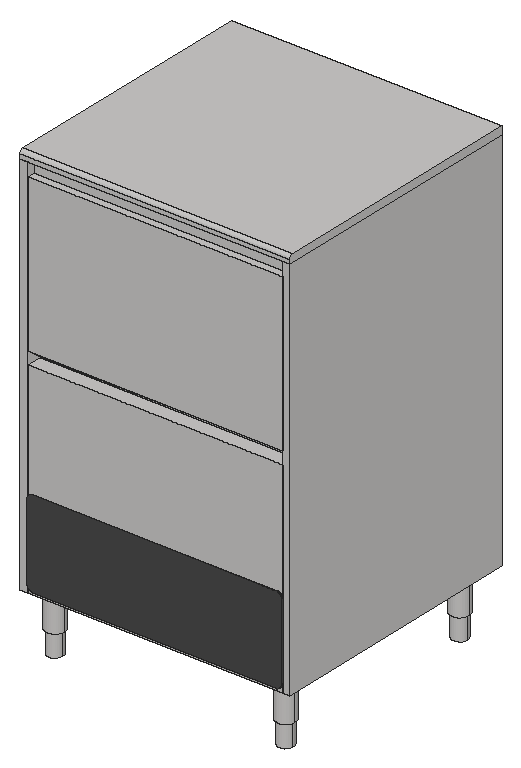
Revit family "QF_ELECTROLUXPROFESSIONAL_730312_ICB112I60SNP", category Attrezzature speciali, Revit 2018
Family settings
  Quota connettore circolare = Usa diametro
  Tipo di parte = Normale
  Basato su piano di lavoro = No
  Sempre verticale = Sì
  Taglio con vuoti quando caricato = No
  Condiviso = No
  Punto di calcolo locali = No
Parameters (values of type "Standard")
  Weight = 81.00 kg
  Watts = 0 W
  Volts = 220 V
  URL Manufacturer = "https://www.electroluxprofessional.com/"
  URL = "https://www.electroluxprofessional.com/"
  Steam Supply Size = 0 mm
  Steam Supply Minimum Pressure = 0.0 Pa
  Steam Supply Maximum Pressure = 0.0 Pa
  Steam Pounds per Hour = 0
  Show Logo [instance] = yes
  Show Clearance [instance] = yes
  Refrigeration Suction Line Size = 0 mm
  Refrigeration Liquid Line Size = 0 mm
  Refrigerant Compressor Remote = yes
  Produttore = "Electrolux Professional"
  Phase = 1
  Modello = "ICB112I60SNP"
  Length Actual = 715 mm  # constant formula
  Item Number = "730312"
  Hot Water Size = 0 mm
  Height Actual = 1149 mm  # constant formula
  HP = "0 HP"
  Gas Size = 0 mm
  Gas KW = 0
  Gas Input Pressure = 0 W
  Descrizione = "WATER COOLED ICE CUBER 22GR 112KG/24H-BIN 60KG"
  Depth Actual = 700 mm  # constant formula
  Cycle = 50 Hz
  Condensate Return Size = 0 mm
  Compressed Air Volume = 0.0 L/s
  Compressed Air Size = 0 mm
  Compressed Air Pressure = 0.0 Pa
  Cold Water Size = 19.05 mm
  Accessory = yes
Reference planes
  plane 1 "Center X": y = 272.851
  plane 2: z = 0
  plane 3 "Center Y": x = -501.5
  plane 4 "LEFT": x = -859
  plane 5 "RIGHT": x = -144
  plane 6 "FRONT": y = -77.649
  plane 7 "BACK": y = 623.351
  plane 8: z = 154
  plane 9: z = 1198
  plane 10: z = 1178
  plane 11: x = -839
  plane 12: x = -164
  plane 13: y = -37.649
Forms (mm)
  Extrusion 1, solid, material "QF_Finishes_Black"
    sketch origin (-217.296, -77.649, 371.513) x (-1, 0, 0) y (0, 0, -1)
      loop
        arc (606.704, -20.487) -> (617.311, -16.093) -> (621.704, -5.487) r 15
        line (621.704, -5.487) -> (621.704, 195.469)
        arc (621.704, 195.469) -> (617.311, 206.075) -> (606.704, 210.469) r 15
        line (606.704, 210.469) -> (-38.296, 210.469)
        arc (-38.296, 210.469) -> (-48.903, 206.075) -> (-53.296, 195.469) r 15
        line (-53.296, 195.469) -> (-53.296, -5.487)
        arc (-53.296, -5.487) -> (-48.903, -16.093) -> (-38.296, -20.487) r 15
        line (-38.296, -20.487) -> (606.704, -20.487)
    from 0 to 2
  Extrusion 2, solid, material "QF_Finishes_Stainless Steel"
    sketch origin (-501.5, 0, 0) x (0, 1, 0) y (0, 0, 1)
      loop
        line (623.351, 1178) -> (623.351, 1198) -> (-67.649, 1198)
        arc (-67.649, 1198) -> (-74.72, 1195.071) -> (-77.649, 1188) r 10
        line (-77.649, 1188) -> (-77.649, 1178) -> (623.351, 1178)
    from -357.5 to 357.5
  Extrusion 3, solid, material "QF_Finishes_Stainless Steel"
    sketch origin (-446.7, 623.351, -284.545) x (1, 0, 0) y (0, 0, -1)
      loop
        circle (233.2, -654.545) r 10
    from 0 to 10
  Extrusion 4, solid, material "QF_Finishes_Stainless Steel"
    sketch origin (0, 0, 0) x (1, 0, 0) y (0, 1, 0)
      loop
        line (-859, 623.351) -> (-859, -77.649) -> (-839, -77.649) -> (-839, 623.351) -> (-859, 623.351)
    from 154 to 1178
  Extrusion 5, solid, material "QF_Finishes_Stainless Steel"
    sketch origin (0, 0, 0) x (1, 0, 0) y (0, 1, 0)
      loop
        line (-164, 623.351) -> (-164, -77.649) -> (-144, -77.649) -> (-144, 623.351) -> (-164, 623.351)
    from 154 to 1178
  Extrusion 6, solid, material "QF_Finishes_Stainless Steel"
    sketch origin (0, 0, 0) x (1, 0, 0) y (0, 1, 0)
      loop
        line (-839, 623.351) -> (-839, -37.649) -> (-164, -37.649) -> (-164, 623.351) -> (-839, 623.351)
    from 154 to 1178
  Extrusion 7, solid, material "QF_Finishes_Stainless Steel"
    sketch origin (0, 0, 0) x (1, 0, 0) y (0, 1, 0)
      loop
        line (-839, -77.649) -> (-164, -77.649) -> (-164, -37.649) -> (-839, -37.649) -> (-839, -77.649)
    from 154 to 695.994
  Extrusion 8, solid, material "QF_Finishes_Stainless Steel"
    sketch origin (-501.5, 0, 0) x (0, 1, 0) y (0, 0, 1)
      loop
        line (-37.649, 1178) -> (-57.649, 1178) -> (-57.649, 1142) -> (-77.649, 1142) -> (-77.649, 728.768) -> (-57.649, 728.768) -> (-57.649, 713.768) -> (-37.649, 713.768) -> (-37.649, 1178)
    from -337.5 to 337.5
  Extrusion 9, solid, material "QF_Finishes_Stainless Steel"
    sketch origin (-428.2, 623.351, -395.545) x (1, 0, 0) y (0, 0, -1)
      loop
        circle (233.2, -654.545) r 10
    from 0 to 10
  Extrusion 10, solid, material "QF_Finishes_Stainless Steel"
    sketch origin (-487.7, 623.351, -316.545) x (1, 0, 0) y (0, 0, -1)
      loop
        circle (233.2, -654.545) r 10
    from 0 to 10
Lines and regions (mm)
  Split face 1
    outline origin (-501.5, -57.649, 1178) x (0, 0, -1) y (1, 0, 0)
      loop
        line (5.715, 214.928) -> (30.715, 214.928) -> (30.715, 254.928) -> (5.715, 254.928) -> (5.715, 214.928)
  symbolic lines
    curve 1: line (-859, 623.351, 0) -> (-144, 623.351, 0)
    curve 2: line (-859, -77.649, 0) -> (-859, 623.351, 0)
    curve 3: line (-144, -77.649, 0) -> (-859, -77.649, 0)
    curve 4: line (-144, 623.351, 0) -> (-144, -77.649, 0)
Dimensions and locks
  equal spacing: plane 4 "LEFT", plane 3 "Center Y", plane 5 "RIGHT"
  plane 4 "LEFT" to plane 5 "RIGHT" = 715 mm
  equal spacing: plane 7 "BACK", plane 1 "Center X", plane 6 "FRONT"
  plane 7 "BACK" to plane 6 "FRONT" = 701 mm
  plane 8 to plane 2 = 154 mm
  plane 9 to plane 8 = 1044 mm
  locked: plane 4 "LEFT" to plane 11 at 20
  locked: plane 12 to plane 5 "RIGHT" at 20
  locked: plane 9 to plane 10 at 20
  locked: plane 13 to plane 6 "FRONT" at 40
  aligned and locked: level to plane 2
  aligned and locked: plane 5 "RIGHT" to Extrusion 2
  aligned and locked: Extrusion 2 to plane 4 "LEFT"
  aligned and locked: Extrusion 4 sketch curve to Extrusion 2  (x2)
  aligned and locked: plane 6 "FRONT" to Extrusion 4 sketch curve
  aligned and locked: Extrusion 4 sketch curve to plane 11
  aligned and locked: Extrusion 5 sketch curve to plane 7 "BACK"
  aligned and locked: plane 12 to Extrusion 5 sketch curve
  aligned and locked: Extrusion 5 sketch curve to Extrusion 2  (x2)
  aligned and locked: plane 10 to Extrusion 4
  aligned and locked: plane 10 to Extrusion 5
  aligned and locked: Extrusion 4 to plane 8
  aligned and locked: Extrusion 5 to plane 8
  aligned and locked: Extrusion 6 sketch curve to Extrusion 4
  aligned and locked: Extrusion 4 to Extrusion 6 sketch curve
  aligned and locked: plane 13 to Extrusion 6 sketch curve
  aligned and locked: Extrusion 6 sketch curve to plane 12
  aligned and locked: plane 10 to Extrusion 6
  aligned and locked: Extrusion 6 to plane 8
  aligned and locked: Extrusion 4 to Extrusion 7 sketch curve
  aligned and locked: Extrusion 7 sketch curve to Extrusion 4
  aligned and locked: plane 13 to Extrusion 7 sketch curve
  aligned and locked: plane 12 to Extrusion 7 sketch curve
  aligned and locked: Extrusion 7 to plane 8
  aligned and locked: plane 12 to Extrusion 8
  aligned and locked: Extrusion 8 to plane 11
Automatic sketch dimensions
  curve 3 to plane 4 "LEFT" = 0 mm
  curve 3 to plane 5 "RIGHT" = 0 mm
  curve 3 to plane 6 "FRONT" = 0 mm
  curve 2 to plane 7 "BACK" = 0 mm
  Extrusion 1 sketch curve to plane 12 = 0 mm
  plane 8 to Extrusion 1 sketch curve = 7.044 mm
  Extrusion 1 sketch curve to Extrusion 1 sketch curve = 15 mm  (x3)
  plane 11 to Extrusion 1 sketch curve = 15 mm  (x2)
  Extrusion 1 sketch curve to Extrusion 1 sketch curve = 200.956 mm
  Extrusion 2 sketch curve to plane 6 "FRONT" = 0 mm
  Extrusion 2 sketch curve to plane 9 = 0 mm
  Extrusion 2 sketch curve to plane 7 "BACK" = 0 mm
  Extrusion 2 sketch curve to plane 10 = 0 mm
  plane 6 "FRONT" to Extrusion 2 sketch curve = 10 mm
  Extrusion 6 to Extrusion 3 sketch curve = 216 mm
  Extrusion 3 sketch curve to Extrusion 6 = 49.5 mm
  Extrusion 8 sketch curve to plane 6 "FRONT" = 0 mm
  Extrusion 8 sketch curve to plane 10 = 0 mm
  Extrusion 8 sketch curve to plane 13 = 0 mm
  plane 6 "FRONT" to Extrusion 8 sketch curve = 20 mm  (x2)
  Extrusion 8 sketch curve to plane 10 = 36 mm
  Extrusion 8 sketch curve to Extrusion 8 sketch curve = 413.232 mm
  Extrusion 8 sketch curve to Extrusion 8 sketch curve = 15 mm
  Split face 1 sketch curve to Extrusion 8 = 5.715 mm
  Extrusion 8 to Split face 1 sketch curve = 5.285 mm
  Split face 1 sketch curve to Extrusion 8 = 122.572 mm
  Split face 1 sketch curve to Split face 1 sketch curve = 40 mm
  Extrusion 9 sketch curve to Extrusion 6 = 31 mm
  Extrusion 6 to Extrusion 9 sketch curve = 105 mm
  Extrusion 10 sketch curve to Extrusion 6 = 90.5 mm
  Extrusion 6 to Extrusion 10 sketch curve = 184 mm
  radius of Extrusion 3 sketch curve = 10 mm
  radius of Extrusion 9 sketch curve = 10 mm
  radius of Extrusion 10 sketch curve = 10 mm
Nested families
  nested 1: "Foot_Complete" at (-807, -26.649, 0), type "Foot_Complete"
  nested 2: "Foot_Complete" at (-196, -26.649, 0) x (-1, 0, 0) z (0, 0, 1), type "Foot_Complete"
  nested 3: "Foot_Complete" at (-807, 550.351, 0), type "Foot_Complete"
  nested 4: "Foot_Complete" at (-196, 550.351, 0) x (-1, 0, 0) z (0, 0, 1), type "Foot_Complete"
Connectors
  electrical at (-195, 633.351, 259), driven by "Volts"
    settings: on Extrusion 9, index 1, voltage 220 V, apparent load 0 VA, apparent load phase1 0 VA, apparent load phase2 0 VA, apparent load phase3 0 VA, power factor 1, load classification "Altro", number of poles 1, system type 30, power factor state 1, is connector primary yes, connector utility no, sub classification motor no, connector description "Electrical Connection"
  piping at (-213.5, 633.351, 370), diameter 20
    settings: on Extrusion 3, index 2, connector inside diameter 609.6 mm, connector length 0 mm, flow factor 0, pipe flow 0.0 L/s, pressure drop 0.0 Pa, fitting loss kfactor 0, connector angle 0.00°, fixture units 0, engagement length 0 mm, angle of deflection 0.00°, flow configuration 0, flow direction 0, fitting loss method 0, system type 20, joint type 0, gender type 0, connector reference index -1, connector utility 0, adjustable connector no, is connector primary yes, connector description "Cold water"
  piping at (-254.5, 633.351, 338), diameter 20
    settings: on Extrusion 10, index 3, connector inside diameter 609.6 mm, connector length 0 mm, flow factor 0, pipe flow 0.0 L/s, pressure drop 0.0 Pa, fitting loss kfactor 0, connector angle 0.00°, fixture units 0, engagement length 0 mm, angle of deflection 0.00°, flow configuration 0, flow direction 0, fitting loss method 0, system type 16, joint type 0, gender type 0, connector reference index -1, connector utility 0, adjustable connector no, is connector primary no, connector description "Drain"
Definition of nested family "Foot_Complete"
  Parameters (values of type "Foot_Complete")
    R = 25 mm
    H = 153 mm
  Reference planes
    plane 1 "Centro (Fronte/Retro)": y = 0
    plane 2: z = 0
    plane 3 "Centro (Sinistra/Destra)": x = 0
    plane 4: z = 153
  Forms (mm)
    Revolve 1, solid
      sketch origin (255.05, 0, 608.09) x (0, 0, 1) y (-1, 0, 0)
        loop
          line (-608.09, 255.05) -> (-608.09, 235.05) -> (-548.09, 235.05) -> (-548.09, 230.05) -> (-455.09, 230.05) -> (-455.09, 255.05) -> (-608.09, 255.05)
        axis (-608.09, 255.05) -> (-455.09, 255.05)
      angle from 0 to 360
  Dimensions and locks
    level to Revolve 1 sketch curve = 60 mm
    "R": Revolve 1 sketch curve to plane 3 "Centro (Sinistra/Destra)"
    "H": plane 4 to level
    aligned and locked: level to plane 2
    aligned and locked: plane 4 to Revolve 1 sketch curve
    aligned and locked: Revolve 1 sketch curve to level
    aligned and locked: plane 3 "Centro (Sinistra/Destra)" to Revolve 1 sketch curve
  Automatic sketch dimensions
    Revolve 1 sketch curve to plane 3 "Centro (Sinistra/Destra)" = 0 mm
    plane 3 "Centro (Sinistra/Destra)" to Revolve 1 sketch curve = 20 mm
    Revolve 1 sketch curve to Revolve 1 sketch curve = 50 mm
    Revolve 1 sketch curve to Revolve 1 sketch curve = 20 mm
